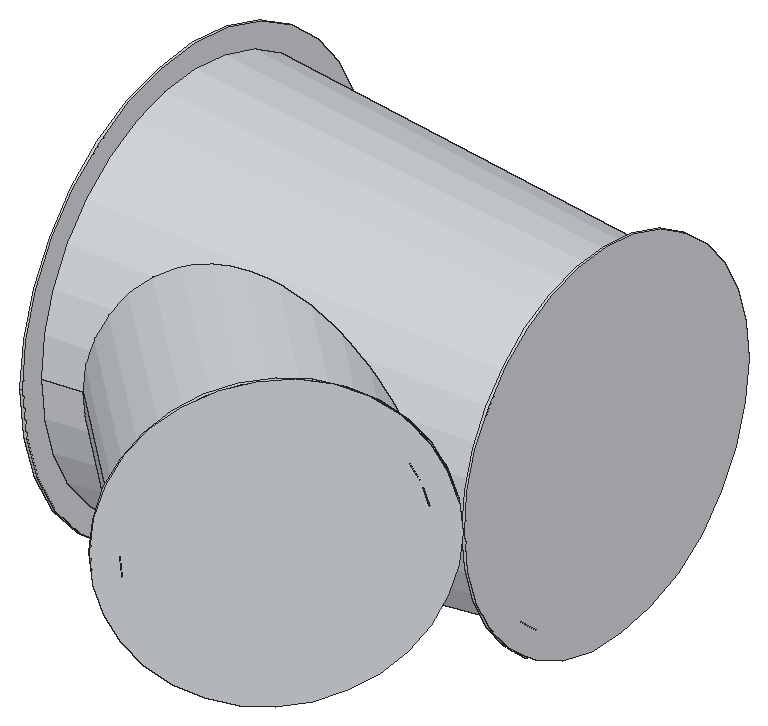
Revit family "圆形 Y 形三通 - 锥形 - 斜接 - 法兰", category 风管管件, Revit 2020
Family settings
  圆形连接件大小 = 使用半径
  零件类型 = Y 形三通
  基于工作平面 = 否
  总是垂直 = 是
  加载时剪切的空心 = 否
  共享 = 否
Parameters (values of type "标准")
  默认高程 = 0 mm
  宽度偏移 8 [instance] = 宽度偏移 1 + 长度 4 - 风管半长 2 - 肩部长度 1 - 法兰厚度 1  # 9965.846 mm
  宽度偏移 7 [instance] = if(宽度偏移 1 > 宽度偏移 2 + 最小风管长度 1 - 最小肩部长度 2 + 肩部长度 2, 宽度偏移 1, 宽度偏移 2 + 最小风管长度 1 - 最小肩部长度 2 + 肩部长度 2)  # 10501.701 mm
  宽度偏移 6 [instance] = if(宽度偏移 2 > 宽度偏移 1, 宽度偏移 1, 宽度偏移 8)  # 9965.846 mm
  最大风管半径 12 [instance] = if(风管半径 1 > 风管半径 2, 风管半径 1, 风管半径 2)  # 250 mm
  最大风管长度 3 标签 12 [instance] = if(风管长度 3 标签 2 > 风管长度 3 标签 3, 风管长度 3 标签 2, 风管长度 3 标签 3)  # 585.98 mm
  长度 8 [instance] = 风管长度 3 标签 + 法兰厚度 3  # 518.269 mm
  长度 7 [instance] = 法兰厚度 3 * sin(角度)  # 2.121 mm
  长度 6 [instance] = 风管长度 3 标签 * sin(角度)  # 364.35 mm
  长度 56 [instance] = if(风管半径 1 > 风管半径 2, 长度 54, 长度 55)  # 45.12 mm
  长度 55 [instance] = -长度 1 * 最小肩部长度 2 / (最小肩部长度 1 + 最小肩部长度 2 + 2 * 风管半长 2)  # -4.88 mm
  长度 54 [instance] = 长度 1 * (最小肩部长度 1 + 2 * 风管半长 2) / (最小肩部长度 1 + 最小肩部长度 2 + 2 * 风管半长 2)  # 45.12 mm
  长度 53 [instance] = if(风管半径 1 > 风管半径 2, 长度 51, 长度 52)  # 4.88 mm
  长度 52 [instance] = -长度 1 * (最小肩部长度 2 + 2 * 风管半长 2) / (最小肩部长度 1 + 最小肩部长度 2 + 2 * 风管半长 2)  # -45.12 mm
  长度 51 [instance] = 长度 1 * 最小肩部长度 1 / (最小肩部长度 1 + 最小肩部长度 2 + 2 * 风管半长 2)  # 4.88 mm
  长度 4 [instance] = if(not(角度 = 90.00°), 长度 33 / tan(角度), 0 mm)  # 225 mm
  长度 33 [instance] = if(风管半径 1 > 风管半径 2, 长度 31, 长度 32)  # 225 mm
  长度 32 [instance] = 最大风管半径 12 + 长度 1 * (最小肩部长度 2 + 风管半长 2) / (最小肩部长度 1 + 最小肩部长度 2 + 2 * 风管半长 2)  # 275 mm
  长度 31 [instance] = 最大风管半径 12 - 长度 1 * (最小肩部长度 1 + 风管半长 2) / (最小肩部长度 1 + 最小肩部长度 2 + 2 * 风管半长 2)  # 225 mm
  长度 2 [instance] = 最小肩部长度 1 * sin(角度) + 最小肩部长度 2 * sin(角度) + 长度 1 * cos(角度) - 2 * 风管半径 3  # -213.934 mm
  长度 1 [instance] = 风管半径 1 - 风管半径 2  # 50 mm
  法兰厚度 2 [instance] = if(风管直径 2 < 281 mm, 4 mm, if(风管直径 2 < 631 mm, 3 mm, 4 mm))  # 3 mm
  法兰半径 2 [instance] = 法兰延伸高度 2 + 风管半径 2  # 230 mm
  法兰半径 1 [instance] = 法兰延伸高度 1 + 风管半径 1  # 280 mm
  法兰厚度 3 [instance] = if(风管直径 3 < 281 mm, 4 mm, if(风管直径 3 < 631 mm, 3 mm, 4 mm))  # 3 mm
  法兰厚度 1 [instance] = if(风管直径 1 < 281 mm, 4 mm, if(风管直径 1 < 631 mm, 3 mm, 4 mm))  # 3 mm
  法兰半径 3 [instance] = 法兰延伸高度 3 + 风管半径 3  # 190 mm
  法兰延伸高度 3 [instance] = if(风管直径 3 < 141 mm, 20 mm, if(风管直径 3 < 631 mm, 30 mm, if(风管直径 3 < 2001 mm, 40 mm, 50 mm)))  # 30 mm
  法兰延伸高度 2 [instance] = if(风管直径 2 < 141 mm, 20 mm, if(风管直径 2 < 631 mm, 30 mm, if(风管直径 2 < 2001 mm, 40 mm, 50 mm)))  # 30 mm
  法兰延伸高度 1 [instance] = if(风管直径 1 < 141 mm, 20 mm, if(风管直径 1 < 631 mm, 30 mm, if(风管直径 1 < 2001 mm, 40 mm, 50 mm)))  # 30 mm
  风管半径 3 [instance] = 160 mm
  风管半径 2 [instance] = 200 mm
  风管半径 1 [instance] = 250 mm
  空心长度 2 [instance] = if(角度 > 90.00°, if(-宽度偏移 1 + (宽度偏移 8 + 风管长度 1) > 风管半径 3 * sin(角度), 5 mm, 风管半径 3 * sin(角度) - (宽度偏移 8 + 风管长度 1) + 宽度偏移 1), 5 mm)  # 5 mm
  空心长度 1 [instance] = if(角度 < 90.00°, if(宽度偏移 1 - 宽度偏移 8 > 风管半径 3 * sin(角度), 5 mm, 风管半径 3 * sin(角度) + 宽度偏移 8 - 宽度偏移 1), 5 mm)  # 78.983 mm
  风管长度 3 标签 [instance] = if(not(角度 = 90.00°), if(风管长度 3 标签 4 > abs((宽度偏移 3 - 宽度偏移 1) / cos(角度)), 风管长度 3 标签 4, abs((宽度偏移 3 - 宽度偏移 1) / cos(角度)) + 100 mm), 最大风管长度 3 标签 12)  # 515.269 mm
  风管长度 3 标签 4 [instance] = if(角度 < 90.00°, 风管长度 3 标签 2, 风管长度 3 标签 3)  # 515.269 mm
  风管长度 3 标签 1 [instance] = 风管长度 3 - 法兰厚度 3  # 297 mm
  风管长度 3 [instance] = 300 mm
  最小风管长度 1 [instance] = 最小肩部长度 1 + 2 * 风管半长 2 + 最小肩部长度 2 + 法兰厚度 1 + 法兰厚度 2  # 518.308 mm
  风管长度 3 标签 3 [instance] = if((风管长度 3 标签 1) * sin(角度) - abs(法兰半径 1 * cos(角度)) > 法兰半径 1, 风管长度 3 标签 1, (法兰半径 1 + abs(法兰半径 3 * cos(角度))) / sin(角度))  # 585.98 mm
  风管长度 3 标签 2 [instance] = if((风管长度 3 标签 1) * sin(角度) - abs(法兰半径 2 * cos(角度)) > 法兰半径 2, 风管长度 3 标签 1, (法兰半径 2 + abs(法兰半径 3 * cos(角度))) / sin(角度))  # 515.269 mm
  肩部长度 1 [instance] = if(not(角度 = 90.00°), if(宽度偏移 2 + 最小肩部长度 1 + 法兰厚度 1 - (宽度偏移 4 - (法兰半径 3) * sin(角度)) > 最小肩部长度 1, 宽度偏移 2 + 最小肩部长度 1 + 法兰厚度 1 - (宽度偏移 4 - (法兰半径 3) * sin(角度)), 最小肩部长度 1), 最小肩部长度 1)  # 50 mm
  肩部长度 2 [instance] = if(not(角度 = 90.00°), if(宽度偏移 4 + (法兰半径 3) * sin(角度) - (宽度偏移 2 + 最小肩部长度 1 + 法兰厚度 1 + 2 * 风管半长 2) > 最小肩部长度 2, 宽度偏移 4 + (法兰半径 3) * sin(角度) - (宽度偏移 2 + 最小肩部长度 1 + 法兰厚度 1 + 2 * 风管半长 2), 最小肩部长度 2), 最小肩部长度 2)  # 67.547 mm
  宽度偏移 5 [instance] = 宽度偏移 4 + 法兰厚度 3 * cos(角度)  # 10366.472 mm
  宽度偏移 4 [instance] = 宽度偏移 1 + 风管长度 3 标签 * cos(角度)  # 10364.35 mm
  最小肩部长度 2 [instance] = 50 mm  # constant formula
  宽度偏移 3 [instance] = if(角度 < 90.00°, 宽度偏移 2 + 最小肩部长度 1 + 法兰厚度 1 + 风管半径 3 * sin(角度), 宽度偏移 2 + 最小肩部长度 1 + 法兰厚度 1 + 2 * 风管半长 2 - 风管半径 3 * sin(角度))  # 10131.983 mm
  宽度偏移 2 [instance] = 宽度偏移 1 + 长度 4 - 风管半长 2 - 最小肩部长度 1 - 法兰厚度 1  # 9965.846 mm
  宽度偏移 1 [instance] = 10000 mm  # constant formula
  风管半长 2 [instance] = (-长度 2 + sqrt(长度 2 ^ 2 + 8 * sin(角度) * (最小肩部长度 1 + 最小肩部长度 2) * 风管半径 3)) / (4 * sin(角度))  # 206.154 mm
  最小肩部长度 1 [instance] = 50 mm  # constant formula
  风管长度 1 [instance] = 肩部长度 1 + 2 * 风管半长 2 + 肩部长度 2 + 法兰厚度 1 + 法兰厚度 2  # 535.855 mm
  风管直径 3 [instance] = 风管半径 3 * 2  # 320 mm
  风管直径 2 [instance] = 风管半径 2 * 2  # 400 mm
  风管直径 1 [instance] = 风管半径 1 * 2  # 500 mm
  角度 1 [instance] = if(角度 > 90.00°, 180.00° - 角度, 角度)  # 45.00°
  角度 [instance] = 45.00°
Reference planes
  plane 1 "中心(前/后)": y = 0
  plane 2: z = 0
  plane 3 "中心(左/右)": x = 0
  plane 4: x = -10000
  plane 5: x = -34.154
  plane 6 "左 Y": x = 18.846
  plane 7 "半 Y": x = 225
  plane 8: x = -31.154
  plane 9: y = -250
  plane 10 "左 X": y = -245.12
  plane 11: x = 364.35
  plane 12: y = -364.35
  plane 13 "右 Y": x = 431.154
  plane 14 "右 X": y = -204.88
  plane 15: y = -366.472
  plane 16: x = 366.472
  plane 17 "S": x = 498.701
  plane 18: x = 501.701
  plane 19: x = -113.137
  plane 20: x = 506.701
  plane 21 "S1": x = -34.154
  plane 22 "S2": x = 501.701
Forms (mm)
  Blend 1, solid, detail levels medium+fine
    base sketch origin (0, 0, 0) x (0, 1, 0) y (0, 0, 1)
      loop
        circle (0, 0) r 250
    top sketch origin (0, 0, 0) x (0, 1, 0) y (0, 0, 1)
      loop
        circle (0, 0) r 200
    from -31.154 to 498.701
  Sweep 2, solid, detail levels medium+fine
    path in 3D
      loop
        line (364.35, -364.35, 0) -> (0, 0, 0)
    profile origin (182.175, -182.175, 0) x (-0.707107, -0.707107, 0) y (0, 0, 1)
      loop
        circle (0, 0) r 160
  Extrusion 3, solid, detail levels medium+fine
    sketch origin (0, 0, 0) x (0, 1, 0) y (0, 0, 1)
      loop
        circle (0, 0) r 280
    from -34.154 to -31.154
  Extrusion 4, solid, detail levels medium+fine
    sketch origin (0, 0, 0) x (0, 1, 0) y (0, 0, 1)
      loop
        circle (0, 0) r 230
    from 498.701 to 501.701
  Sweep 5, solid, detail levels medium+fine
    path in 3D
      loop
        line (366.472, -366.472, 0) -> (364.35, -364.35, 0)
    profile origin (365.411, -365.411, 0) x (-0.707107, -0.707107, 0) y (0, 0, 1)
      loop
        circle (0, 0) r 190
  Extrusion 6, void
    sketch origin (0, 0, 0) x (0, 1, 0) y (0, 0, 1)
      loop
        circle (0, 0) r 250
    from -113.137 to -34.154
  Extrusion 7, void
    sketch origin (0, 0, 0) x (0, 1, 0) y (0, 0, 1)
      loop
        circle (0, 0) r 200
    from 501.701 to 506.701
Cuts and joins
  Extrusion 6, Extrusion 7 cuts Sweep 2
  joined: Blend 1, Sweep 2, Extrusion 3, Extrusion 4, Sweep 5
Lines and regions (mm)
  reference lines
    curve 1: line (364.35, -364.35, 0) -> (0, 0, 0)
    curve 3: line (366.472, -366.472, 0) -> (364.35, -364.35, 0)
  sketch lines
    curve 2: line (364.35, -364.35, 0) -> (0, 0, 0)
    curve 4: line (366.472, -366.472, 0) -> (364.35, -364.35, 0)
  model lines, detail levels coarse
    curve 5: line (-34.154, 0, 0) -> (501.701, 0, 0)
    curve 6: line (366.472, -366.472, 0) -> (0, 0, 0)
Dimensions and locks
  "宽度偏移 1": plane 4 to plane 3 "中心(左/右)"
  "宽度偏移 8": plane 4 to plane 5
  "风管半长 2": plane 6 "左 Y" to plane 7 "半 Y"
  "法兰厚度 1": plane 5 to plane 8
  "最大风管半径 12": plane 1 "中心(前/后)" to plane 9
  "长度 53": plane 10 "左 X" to plane 9
  "宽度偏移 4": plane 4 to plane 11
  "肩部长度 1": plane 8 to plane 6 "左 Y"
  "长度 6": plane 12 to plane 1 "中心(前/后)"
  "风管长度 3 标签": curve 1 to curve 1
  equal spacing: plane 6 "左 Y", plane 7 "半 Y", plane 13 "右 Y"
  "长度 56": plane 14 "右 X" to plane 9
  "长度 7": plane 12 to plane 15
  "宽度偏移 5": plane 4 to plane 16
  "法兰厚度 3": curve 3 to curve 3
  "法兰厚度 2": plane 17 "S" to plane 18
  "空心长度 1": plane 19 to plane 5
  "空心长度 2": plane 18 to plane 20
  "宽度偏移 6": plane 4 to plane 21 "S1"
  "宽度偏移 7": plane 4 to plane 22 "S2"
  "长度 8": curve 6 to curve 6
  "肩部长度 2": plane 13 "右 Y" to plane 17 "S"
  "风管半径 1": radius of Blend 1 sketch curve
  "风管半径 2": radius of Blend 1 sketch curve
  "风管半径 3": radius of Sweep 2 sketch curve
  "法兰半径 1": radius of Extrusion 3 sketch curve
  "法兰半径 2": radius of Extrusion 4 sketch curve
  "法兰半径 3": radius of Sweep 5 sketch curve
  "风管半径 2": radius of Extrusion 7 sketch curve
  "风管半径 1": radius of Extrusion 6 sketch curve
  "角度": angle curve 1 to plane 1 "中心(前/后)"
  "角度": angle curve 3 to plane 1 "中心(前/后)"
  "角度": angle curve 6 to plane 1 "中心(前/后)"
  aligned and locked: plane 1 "中心(前/后)" to Blend 1 sketch curve  (x2)
  aligned and locked: plane 2 to Blend 1 sketch curve  (x2)
  aligned and locked: Blend 1 to plane 8
  aligned and locked: plane 1 "中心(前/后)" to Extrusion 3 sketch curve
  aligned and locked: plane 2 to Extrusion 3 sketch curve
  aligned and locked: Extrusion 3 to plane 5
  aligned and locked: plane 8 to Extrusion 3
  aligned and locked: plane 1 "中心(前/后)" to Extrusion 4 sketch curve
  aligned and locked: plane 2 to Extrusion 4 sketch curve
  aligned and locked: plane 15 to curve 3
  aligned and locked: Extrusion 4 to plane 18
  aligned and locked: Extrusion 4 to plane 17 "S"
  aligned and locked: plane 17 "S" to Blend 1
  aligned and locked: plane 1 "中心(前/后)" to Extrusion 6 sketch curve
  aligned and locked: plane 2 to Extrusion 6 sketch curve
  aligned and locked: Extrusion 6 to plane 19
  aligned and locked: plane 5 to Extrusion 6
  aligned and locked: plane 1 "中心(前/后)" to Extrusion 7 sketch curve
  aligned and locked: plane 2 to Extrusion 7 sketch curve
  aligned and locked: plane 20 to Extrusion 7
  aligned and locked: plane 18 to Extrusion 7
  aligned and locked: plane 21 "S1" to curve 5
  aligned and locked: plane 22 "S2" to curve 5
  aligned and locked: plane 1 "中心(前/后)" to curve 5
  aligned and locked: plane 15 to curve 6
  aligned and locked: plane 16 to curve 6
Automatic sketch dimensions
  Sweep 2 sketch curve to profile plane = 0 mm
  profile plane to Sweep 2 sketch curve = 0 mm
  Sweep 5 sketch curve to profile plane = 0 mm
  profile plane to Sweep 5 sketch curve = 0 mm
  curve 3 to plane 16 = 0 mm
Connectors
  hvac at (-34.154, 0, 0), driven by "风管半径 1"
    settings: on Extrusion 3, index 1, duct flow 0.0 L/s, flow factor 0, pres drop 0.0 Pa, loss coef 0, conn angle 0.00°, conn width 300 mm, conn height 300 mm, conn diameter 500 mm, duct sys type 28, conn prof type 0, flow config 0, flow direction 0, loss method 0, conn ref index 2, conn util no, is conn primary yes, conn desc ""
  hvac at (501.701, 0, 0), driven by "风管半径 2"
    settings: on Extrusion 4, index 2, duct flow 0.0 L/s, flow factor 0, pres drop 0.0 Pa, loss coef 0, conn angle 0.00°, conn width 300 mm, conn height 300 mm, conn diameter 400 mm, duct sys type 28, conn prof type 0, flow config 0, flow direction 0, loss method 0, conn ref index 1, conn util no, is conn primary no, conn desc ""
  hvac at (366.472, -366.472, 0), driven by "风管半径 3", driven by "角度"
    settings: on Sweep 5, index 3, duct flow 0.0 L/s, flow factor 0, pres drop 0.0 Pa, loss coef 0, conn angle 45.00°, conn width 300 mm, conn height 300 mm, conn diameter 320 mm, duct sys type 28, conn prof type 0, flow config 0, flow direction 0, loss method 0, conn ref index -1, conn util no, is conn primary no, conn desc ""
